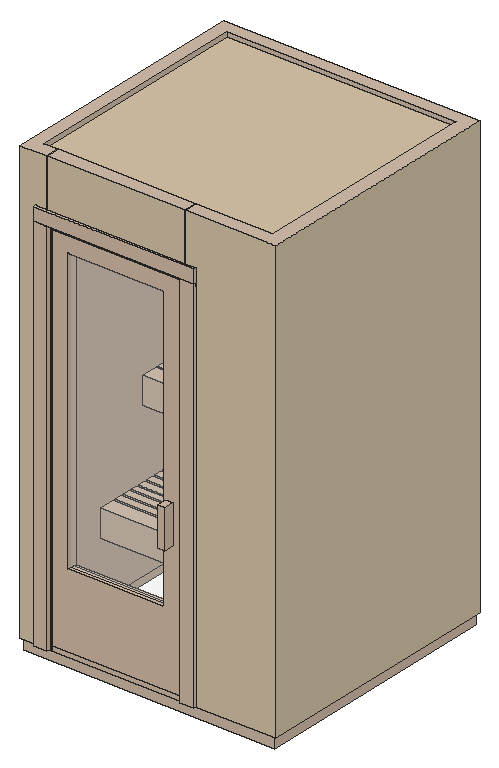
Revit family "Sauna-Room_Prefab_Finlandia_FPF-44", category Specialty Equipment, Revit 2026
Family settings
  Round Connector Dimension = Use Diameter
  Part Type = Normal
  Classification Number = 23.40.50.34.37
  Work Plane-Based = Yes
  Enable Cutting in Views = No
  Always vertical = No
  Cut with Voids When Loaded = No
  Maintain Annotation Orientation = No
  Shared = No
  Room Calculation Point = No
Parameters (values of type "Indoor Reversed as Specified")
  Warranty Duration (Years) = 0
  Wall Thickness = 0' - 2 1/2"
  Unit Width = 4' - 0"
  Unit Height = 7' - 1"
  Unit Depth = 4' - 0"
  URL = "http://www.finlandiasauna.com/index.html"
  Structural Frame Material [instance] = Wood - Red Cedar - Finlandia - Finish as Specified
  Standard = not(Reversed)  # no
  Specification = "http://www.arcat.com/sdspecs/htm/13052fin.htm"
  SpecWizard = ""
  Send Message = "http://www.arcat.com/users.pl?action=UserEmail&amp;company=Finlandia+Sauna+Products,+Inc.&amp;coid=32492&amp;rep=133&amp;fax=503-684-1120&amp;mf=95"
  Sales Information = "http://www.finlandiasauna.com/sauna-contactus.html"
  Revision = "R1_2014-07"
  Reversed = yes
  Product Properties = ""
  Product Data = "http://www.arcat.com/arcatcos/cos9532/arc32492.html"
  Model = "FPF 44"
  Manufacturer Website = "http://www.finlandiasauna.com/index.html"
  Manufacturer Phone - Toll Free = "800-354-3342"
  Manufacturer Phone = "503-684-8289"
  Manufacturer Fax = "503-684-1120"
  Manufacturer Address = "14010-B S.W. 72nd Ave.  Portland, OR 97224-0088"
  Manufacturer = "Finlandia Sauna Products, Inc."
  Maintenance Schedule (Months) = 0
  Keynote = "13052"
  Interior Finish [instance] = Wood - TnG - Finlandia - Red Cedar as Specified
  Installation-Fabrication = ""
  Installation Phase = ""
  Heater Type [instance] = SaunaHeater : Compact JM 1.7 kW
  Green Building-LEED = "http://www.arcat.com/green/clients95/leed_data_32492.html"
  Exterior Finish [instance] = Wood - Mahogany - Finlandia - Finish as Specified
  Exposed Base [instance] = 0' - 2"
  Expected Lifespan (Years) = 0
  Drawn By = "Sumex Design, Inc. / Robert S. Weygant, CSI, CDT, SCIP"
  DoorOffset = if(Reversed, Unit Width - 0' 5" - Door RO Width, 0' 5")  # 1' - 5"
  Door Slab Finish [instance] = Wood - Douglas Fir - Finlandia - Finish as Specified
  Door RO Width = 2' - 2"
  Door RO Height [instance] = 6' - 0"
  Door Glazing Tint [instance] = Glazing - Finlandia - Clear
  Door Frame Finish [instance] = Wood - Douglas Fir - Finlandia - Finish as Specified
  Description = "Finlandia Prefab Modular Sauna Room - FPF 44 as Specified"
  Default Elevation = 0' - 0"
  Copyright = "©Arcat Inc."
  Construction Details = "http://www.arcat.com/details/finsauna/95finsauna.html?coid=32492"
  Capacity = "2 People"
  Bench Slat Material [instance] = Wood - Red Cedar - Finlandia - Finish as Specified
  Assembly Code = "F1010300"
Types (2): name | Standard | Reversed | DoorOffset
  Indoor Reversed as Specified | no | yes | 1' - 5"
  Indoor Standard as Specified | yes | no | 0' - 5"
Reference planes (in)
  plane 1 "Center (Front/Back)": y = 0
  plane 2 "Bottom": z = 0
  plane 3 "Center (Left/Right)": x = 0
  plane 4 "Front": y = -24
  plane 5 "Back": y = 24
  plane 6 "Left": x = -24
  plane 7 "Right": x = 24
  plane 8 "Top": z = 85
  plane 9: x = -21.5
  plane 10: x = 21.5
  plane 11: y = 21.5
  plane 12: y = -21.5
  plane 13: z = 2
  plane 14: x = -19
  plane 15: x = 7
  plane 16: z = 74
Forms (in)
  Extrusion 1, solid, material "Wood - Red Cedar - Finlandia - Finish as Specified" <- "Structural Frame Material"
    sketch origin (0, 0, 0) x (1, 0, 0) y (0, 1, 0)
      loop
        line (-23.65625, 23.65625) -> (-23.65625, -23.65625) -> (23.65625, -23.65625) -> (23.65625, 23.65625) -> (-23.65625, 23.65625)
      loop
        line (-22.15625, 22.15625) -> (-22.15625, -22.15625) -> (22.15625, -22.15625) -> (22.15625, 22.15625) -> (-22.15625, 22.15625)
    from 0 to 2
  Extrusion 2, solid, material "Wood - Red Cedar - Finlandia - Finish as Specified" <- "Structural Frame Material"
    sketch origin (0, 0, 0) x (1, 0, 0) y (0, 1, 0)
      loop
        line (-21.5, -21.5) -> (-21.5, 21.5) -> (21.5, 21.5) -> (21.5, -21.5) -> (7, -21.5) -> (7, -24) -> (24, -24) -> (24, 24) -> (-24, 24) -> (-24, -24) -> (-19, -24) -> (-19, -21.5) -> (-21.5, -21.5)
    from 2 to 85
  Sweep 3, solid, material "Wood - Red Cedar - Finlandia - Finish as Specified" <- "Bench Slat Material"
    path origin (-77.70319, 6.79815, 0) x (-1, 0, 0) y (0, 1, 0)
      loop
        line (-99.20319, 14.70185) -> (-56.20319, 14.70185)
    profile "Bench : Bench" origin (0, 21.5, 0) x (0, -1, 0) y (0, 0, 1)
      loop
        line (0, 31.5) -> (18.5, 31.5) -> (18.5, 31) -> (20, 31) -> (20, 36) -> (17, 36) -> (17, 34.5) -> (16.625, 34.5) -> (16.625, 36) -> (15.125, 36) -> (15.125, 34.5) -> (14.75, 34.5) -> (14.75, 36) -> (13.25, 36) -> (13.25, 34.5) -> (12.875, 34.5) -> (12.875, 36) -> (11.375, 36) -> (11.375, 34.5) -> (11, 34.5) -> (11, 36) -> (9.5, 36) -> (9.5, 34.5) -> (9.125, 34.5) -> (9.125, 36) -> (7.625, 36) -> (7.625, 34.5) -> (7.25, 34.5) -> (7.25, 36) -> (5.75, 36) -> (5.75, 34.5) -> (5.375, 34.5) -> (5.375, 36) -> (3.875, 36) -> (3.875, 34.5) -> (3.5, 34.5) -> (3.5, 36) -> (2, 36) -> (2, 34.5) -> (1.625, 34.5) -> (1.625, 36) -> (0, 36) -> (0, 31.5)
  Sweep 4, solid, material "Wood - Red Cedar - Finlandia - Finish as Specified" <- "Bench Slat Material"
    path origin (-77.70319, -13.20185, 0) x (-1, 0, 0) y (0, 1, 0)
      loop
        line (-99.20319, 24.70185) -> (-56.20319, 24.70185)
    profile "Bench : Bench" origin (0, 11.5, 0) x (0, -1, 0) y (0, 0, 1)
      loop
        line (0, 13.5) -> (18.5, 13.5) -> (18.5, 13) -> (20, 13) -> (20, 18) -> (17, 18) -> (17, 16.5) -> (16.625, 16.5) -> (16.625, 18) -> (15.125, 18) -> (15.125, 16.5) -> (14.75, 16.5) -> (14.75, 18) -> (13.25, 18) -> (13.25, 16.5) -> (12.875, 16.5) -> (12.875, 18) -> (11.375, 18) -> (11.375, 16.5) -> (11, 16.5) -> (11, 18) -> (9.5, 18) -> (9.5, 16.5) -> (9.125, 16.5) -> (9.125, 18) -> (7.625, 18) -> (7.625, 16.5) -> (7.25, 16.5) -> (7.25, 18) -> (5.75, 18) -> (5.75, 16.5) -> (5.375, 16.5) -> (5.375, 18) -> (3.875, 18) -> (3.875, 16.5) -> (3.5, 16.5) -> (3.5, 18) -> (2, 18) -> (2, 16.5) -> (1.625, 16.5) -> (1.625, 18) -> (0, 18) -> (0, 13.5)
  Extrusion 5, solid, material "Wood - Red Cedar - Finlandia - Finish as Specified" <- "Structural Frame Material"
    sketch origin (-43.59721, -180, 85) x (-1, 0, 0) y (0, -1, 0)
      loop
        line (-24.59721, -158.5) -> (-24.59721, -156) -> (-50.59721, -156) -> (-50.59721, -158.5) -> (-24.59721, -158.5)
    from 0 to -11
  Extrusion 6, solid, material "Wood - Mahogany - Finlandia - Finish as Specified" <- "Exterior Finish"
    sketch origin (-43.59721, -180, 85) x (-1, 0, 0) y (0, -1, 0)
      loop
        line (-22.09721, -201.5) -> (-22.09721, -158.5) -> (-65.09721, -158.5) -> (-65.09721, -201.5) -> (-22.09721, -201.5)
    from -3.875 to -0.75
Dimensions and locks (in)
  equal spacing: plane 6 "Left", plane 3 "Center (Left/Right)", plane 7 "Right"
  "Unit Width": plane 6 "Left" to plane 7 "Right"
  equal spacing: plane 5 "Back", plane 1 "Center (Front/Back)", plane 4 "Front"
  "Unit Depth": plane 5 "Back" to plane 4 "Front"
  "Unit Height": plane 8 "Top" to level
  "Wall Thickness": plane 5 "Back" to plane 11
  "Wall Thickness": plane 12 to plane 4 "Front"
  "Wall Thickness": plane 6 "Left" to plane 9
  "Wall Thickness": plane 10 to plane 7 "Right"
  "Exposed Base": plane 13 to level
  plane 6 "Left" to Extrusion 1 sketch curve to Extrusion 1 sketch curve = 0' - 0 11/32" locked, 0' - 1 1/2" locked
  Extrusion 1 sketch curve to Extrusion 1 sketch curve to plane 7 "Right" = 0' - 1 1/2" locked, 0' - 0 11/32" locked
  plane 5 "Back" to Extrusion 1 sketch curve to Extrusion 1 sketch curve = 0' - 0 11/32" locked, 0' - 1 1/2" locked
  Extrusion 1 sketch curve to Extrusion 1 sketch curve to plane 4 "Front" = 0' - 1 1/2" locked, 0' - 0 11/32" locked
  "Door RO Width": plane 14 to plane 15
  "DoorOffset": plane 15 to plane 7 "Right"
  locked: plane 11 to Sweep 4 sketch curve at 10
  plane 9 to Sweep 4 sketch curve = 0' - 0"
  Sweep 4 sketch curve to plane 10 = 0' - 0"
  Sweep 3 sketch curve to plane 10 = 0' - 0"
  plane 9 to Sweep 3 sketch curve = 0' - 0"
  locked: nested 2 to plane 12 at 1
  locked: plane 9 to nested 2 at 1
  locked: nested 3 to plane 12 at 1
  locked: nested 3 to plane 10 at 1
  "Door RO Height": plane 16 to plane 13
  aligned: Extrusion 1 to plane 13
  aligned and locked: Extrusion 2 sketch curve to plane 9
  aligned and locked: Extrusion 2 sketch curve to plane 11
  aligned and locked: Extrusion 2 sketch curve to plane 10
  aligned and locked: Extrusion 2 sketch curve to plane 12
  aligned and locked: Extrusion 2 to plane 13
  aligned and locked: Extrusion 1 to plane 13
  aligned and locked: Extrusion 2 sketch curve to plane 4 "Front"
  aligned and locked: Extrusion 2 sketch curve to plane 7 "Right"
  aligned and locked: Extrusion 2 sketch curve to plane 5 "Back"
  aligned and locked: Extrusion 2 sketch curve to plane 6 "Left"
  aligned and locked: plane 8 "Top" to Extrusion 2
  aligned and locked: Sweep 3 sketch curve to plane 11
  aligned and locked: nested 1 to plane 14
  aligned and locked: nested 1 to plane 12
  aligned and locked: Extrusion 2 sketch curve to plane 14
  aligned and locked: Extrusion 2 sketch curve to plane 15
  aligned and locked: Extrusion 5 sketch curve to plane 15
  aligned and locked: plane 14 to Extrusion 5 sketch curve
  aligned and locked: Extrusion 5 sketch curve to plane 12
  aligned and locked: plane 4 "Front" to Extrusion 5 sketch curve
  aligned and locked: Extrusion 5 to plane 16
  aligned and locked: Extrusion 6 sketch curve to plane 11
  aligned and locked: Extrusion 6 sketch curve to plane 9
  aligned and locked: Extrusion 6 sketch curve to plane 12
  aligned and locked: Extrusion 6 sketch curve to plane 10
Automatic sketch dimensions
  Extrusion 2 sketch curve to plane 4 "Front" = 0' - 0"
  plane 12 to Extrusion 2 sketch curve = 0' - 0"
Nested families (in)
  nested 1: "Door" at (-6, -22.75, 2), Swing Right <- "Standard", Swing Left <- "Reversed", frame finish <- "Door Frame Finish", glazing <- "Door Glazing Tint", door finish <- "Door Slab Finish", Wall Thickness <- "Wall Thickness", Rough Width <- "Door RO Width", Rough Height <- "Door RO Height", type "Standard"
    with glazing Glazing - Finlandia - Clear, frame finish Wood - Douglas Fir - Finlandia - Finish as Specified, door finish Wood - Douglas Fir - Finlandia - Finish as Specified, built-in parameter 1001301 2' - 0", Wall Thickness 0' - 2 1/2", Swing Right no, Swing Left yes, built-in parameter 1001305 2' - 2", built-in parameter 1001304 6' - 0"
  nested 2: "SaunaHeater" at (-14.5, -16, 0), visible <- "Standard", type <- "Heater Type", type "Compact JM 1.7 kW"
    with Width 1' - 0", Height 2' - 1", Depth 0' - 9"
  nested 3: "SaunaHeater" at (14.5, -16, 0) x (-1, 0, 0) z (0, 0, 1), visible <- "Reversed", type <- "Heater Type", type "Compact JM 1.7 kW"
    with Width 1' - 0", Height 2' - 1", Depth 0' - 9"
Connectors (in)
  electrical at (0, 0, 84.25)
    settings: on Extrusion 6, index 1, voltage 0 V, apparent load 0 VA, apparent load phase1 0 VA, apparent load phase2 0 VA, apparent load phase3 0 VA, power factor 1, load classification "Other", number of poles 1, system type 31, power factor state 1, is connector primary yes, connector utility no, sub classification motor no, connector description ""
Definition of nested family "Door"
  Parameters
    glazing [instance] = none
    frame finish [instance] = none
    door finish [instance] = none
    Width [instance] = Rough Width - 0' 2"  # 2' - 0"
    Wall Thickness [instance] = 1' - 2"
    Swing Right [instance] = yes
    Swing Left [instance] = yes
    Rough Width [instance] = 2' - 2"
    Rough Height [instance] = 4' - 11.36872"
    Default Elevation = 4' - 0"
    Assembly Code = ""
  Reference planes (in)
    plane 1 "Center (Front/Back)": y = 0
    plane 2: z = 0
    plane 3 "Center (Left/Right)": x = 0
    plane 4: x = -13
    plane 5: x = 13
    plane 6: y = 7
    plane 7: y = -7
    plane 8: z = 59.36872
    plane 9: x = -15
    plane 10: x = 15
    plane 11: y = -31
  Forms (in)
    Extrusion 1, solid, material <- "frame finish"
      sketch origin (-22.33749, -180, 59.36872) x (-1, 0, 0) y (0, -1, 0)
        loop
          line (-9.33749, -187) -> (-9.33749, -173) -> (-7.33749, -173) -> (-7.33749, -172.5) -> (-9.83749, -172.5) -> (-9.83749, -173) -> (-10.33749, -173) -> (-10.33749, -187.5) -> (-7.33749, -187.5) -> (-7.33749, -187) -> (-9.33749, -187)
        loop
          line (-35.33749, -187) -> (-37.33749, -187) -> (-37.33749, -187.5) -> (-34.33749, -187.5) -> (-34.33749, -173) -> (-34.83749, -173) -> (-34.83749, -172.5) -> (-37.33749, -172.5) -> (-37.33749, -173) -> (-35.33749, -173) -> (-35.33749, -187)
      from -59.36872 to -0.5
    Extrusion 2, solid, material <- "frame finish"
      sketch origin (0, 0, 0) x (0, 1, 0) y (0, 0, 1)
        loop
          line (7, 58.36872) -> (7, 58.86872) -> (7.5, 58.86872) -> (7.5, 61.36872) -> (7, 61.36872) -> (7, 59.36872) -> (-7, 59.36872) -> (-7, 61.36872) -> (-7.5, 61.36872) -> (-7.5, 58.86872) -> (-7, 58.86872) -> (-7, 58.36872) -> (7, 58.36872)
      from -15 to 15
    Extrusion 3, solid, material <- "frame finish"
      sketch origin (0, 0, 0) x (1, 0, 0) y (0, 1, 0)
        loop
          line (-12, -5.25) -> (-11.25, -5.25) -> (-11.25, -4.375) -> (-12, -4.375) -> (-12, -5.25)
        loop
          line (12, -5.25) -> (12, -4.375) -> (11.25, -4.375) -> (11.25, -5.25) -> (12, -5.25)
      from 0 to 59.36872
    Extrusion 4, solid, material <- "frame finish"
      sketch origin (0, 0, 0) x (0, 1, 0) y (0, 0, 1)
        loop
          line (-5.25, 58.36872) -> (-5.25, 57.86872) -> (-4.375, 57.86872) -> (-4.375, 58.36872) -> (-5.25, 58.36872)
      from -13 to 13
    Extrusion 5, solid, material <- "door finish"
      sketch origin (-22.31101, -7, 48) x (-1, 0, 0) y (0, 0, 1)
        loop
          line (-34.31101, -47.25) -> (-10.31101, -47.25) -> (-10.31101, 10.36872) -> (-34.31101, 10.36872) -> (-34.31101, -47.25)
        loop
          line (-13.31101, 7.36872) -> (-31.31101, 7.36872) -> (-31.31101, -33.25) -> (-13.31101, -33.25) -> (-13.31101, 7.36872)
      from 0 to 1.75
    Extrusion 6, solid, material <- "frame finish"
      sketch origin (0, 0, 0) x (0, 1, 0) y (0, 0, 1)
        loop
          line (-7, 0.75) -> (-7, 0) -> (7, 0) -> (7, 0.75) -> (-7, 0.75)
      from -13 to 13
    Extrusion 7, solid, material <- "glazing"
      sketch origin (-22.31101, -7, 48) x (-1, 0, 0) y (0, 0, 1)
        loop
          line (-13.31101, 7.36872) -> (-31.31101, 7.36872) -> (-31.31101, -33.25) -> (-13.31101, -33.25) -> (-13.31101, 7.36872)
      from 1.125 to 0.625
    Extrusion 8, solid, material <- "door finish", visible <- "Swing Right"
      sketch origin (-22.31101, -7, 48) x (-1, 0, 0) y (0, 0, 1)
        loop
          line (-11.5611, -15.059) -> (-12.8111, -15.059) -> (-12.8111, -22.309) -> (-11.5611, -22.309) -> (-11.5611, -15.059)
      from 0 to -2
    Extrusion 9, solid, material <- "door finish", visible <- "Swing Left"
      sketch origin (-22.31101, -7, 48) x (-1, 0, 0) y (0, 0, 1)
        loop
          line (-33.06091, -15.059) -> (-33.06091, -22.309) -> (-31.81091, -22.309) -> (-31.81091, -15.059) -> (-33.06091, -15.059)
      from 0 to -2
  Lines and regions (in)
    symbolic lines, visible <- "Swing Right"
      curve 1: line (12, -7, 0) -> (12, -31, 0)
      curve 2: arc (12, -31, 0) -> (-4.97056, -23.97056, 0) -> (-12, -7, 0) r 24
    symbolic lines, visible <- "Swing Left"
      curve 3: arc (-12, -31, 0) -> (4.97056, -23.97056, 0) -> (12, -7, 0) r 24
      curve 4: line (-12, -31, 0) -> (-12, -7, 0)
  Dimensions and locks (in)
    equal spacing: plane 6, plane 1 "Center (Front/Back)", plane 7
    "Wall Thickness": plane 6 to plane 7
    equal spacing: plane 4, plane 3 "Center (Left/Right)", plane 5
    "Rough Width": plane 4 to plane 5
    "Rough Height": plane 8 to level
    Extrusion 1 sketch curve to plane 4 to Extrusion 1 sketch curve = 0' - 2" locked, 0' - 1" locked
    locked: Extrusion 1 sketch curve to plane 6 at 0.5  (x2)
    locked: plane 7 to Extrusion 1 sketch curve at 0.5  (x2)
    Extrusion 1 sketch curve to plane 4 to Extrusion 1 sketch curve = 0' - 2" locked, 0' - 0 1/2" locked
    Extrusion 1 sketch curve to plane 5 to Extrusion 1 sketch curve = 0' - 1" locked, 0' - 2" locked
    Extrusion 1 sketch curve to plane 5 to Extrusion 1 sketch curve = 0' - 0 1/2" locked, 0' - 2" locked
    Extrusion 2 sketch curve to plane 8 to Extrusion 2 sketch curve = 0' - 2" locked, 0' - 0 1/2" locked
    locked: Extrusion 2 sketch curve to plane 7 at 0.5
    locked: plane 6 to Extrusion 2 sketch curve at 0.5
    Extrusion 2 sketch curve to plane 8 to Extrusion 2 sketch curve to Extrusion 2 sketch curve = 0' - 2" locked, 0' - 0 1/2" locked, 0' - 0 1/2" locked
    Extrusion 3 sketch curve to Extrusion 3 sketch curve to plane 7 = 0' - 0 7/8" locked, 0' - 1 3/4" locked
    locked: Extrusion 3 sketch curve to Extrusion 3 sketch curve at 0.875
    locked: Extrusion 3 sketch curve to plane 7 at 1.75
    Extrusion 3 sketch curve to Extrusion 3 sketch curve to plane 5 = 0' - 0 3/4" locked, 0' - 1" locked
    plane 4 to Extrusion 3 sketch curve to Extrusion 3 sketch curve = 0' - 1" locked, 0' - 0 3/4" locked
    plane 7 to Extrusion 4 sketch curve to Extrusion 4 sketch curve = 0' - 1 3/4" locked, 0' - 0 7/8" locked
    plane 8 to Extrusion 4 sketch curve to Extrusion 4 sketch curve = 0' - 1" locked, 0' - 0 1/2" locked
    locked: plane 4 to plane 9 at 2
    locked: plane 10 to plane 5 at 2
    locked: Extrusion 5 sketch curve to plane 4 at 1
    locked: plane 5 to Extrusion 5 sketch curve at 1
    locked: plane 8 to Extrusion 5 sketch curve at 1
    locked: Extrusion 5 sketch curve to level at 0.75
    locked: Extrusion 6 sketch curve to level at 0.75
    locked: Extrusion 5 sketch curve to Extrusion 5 sketch curve at 3  (x3)
    locked: Extrusion 5 sketch curve to level at 14.75
    locked: Extrusion 7 sketch curve to level at 14.75
    locked: plane 8 to Extrusion 7 sketch curve at 4
    locked: Extrusion 7 sketch curve to plane 4 at 4
    locked: plane 5 to Extrusion 7 sketch curve at 4
    "Width": plane 7 to plane 11
    Extrusion 8 sketch curve to Extrusion 8 sketch curve to level = 0' - 7 1/4" locked, 2' - 1.691" locked
    locked: Extrusion 9 sketch curve to Extrusion 9 sketch curve at 7.25
    plane 5 to Extrusion 9 sketch curve to Extrusion 9 sketch curve = 0' - 2.25009" locked, 0' - 1 1/4" locked
    locked: Extrusion 9 sketch curve to level at 25.691
    Extrusion 8 sketch curve to Extrusion 8 sketch curve to plane 4 = 0' - 1 1/4" locked, 0' - 2.25009" locked
    aligned and locked: plane 2 to level
    aligned and locked: Extrusion 1 sketch curve to plane 4
    aligned and locked: plane 6 to Extrusion 1 sketch curve
    aligned and locked: Extrusion 1 sketch curve to plane 7  (x2)
    aligned and locked: plane 7 to Extrusion 1 sketch curve  (x2)
    aligned and locked: Extrusion 1 sketch curve to plane 5
    aligned and locked: Extrusion 1 sketch curve to plane 6
    aligned: plane 8 to Extrusion 1
    aligned and locked: plane 8 to Extrusion 2 sketch curve
    aligned and locked: plane 7 to Extrusion 2 sketch curve
    aligned and locked: Extrusion 2 sketch curve to plane 6
    aligned and locked: Extrusion 2 sketch curve to plane 7
    aligned and locked: plane 6 to Extrusion 2 sketch curve
    aligned and locked: plane 8 to Extrusion 3
    aligned and locked: plane 5 to Extrusion 4
    aligned and locked: Extrusion 4 to plane 4
    aligned and locked: plane 9 to Extrusion 2
    aligned and locked: Extrusion 2 to plane 10
    aligned and locked: Extrusion 6 sketch curve to plane 7
    aligned and locked: plane 6 to Extrusion 6 sketch curve
    aligned and locked: Extrusion 6 sketch curve to level
    aligned and locked: plane 5 to Extrusion 6
    aligned and locked: Extrusion 6 to plane 4
    aligned and locked: Extrusion 1 to level
  Automatic sketch dimensions
    curve 3 to plane 7 = 0' - 0"
    curve 4 to plane 11 = 0' - 0"
    curve 4 to plane 7 = 0' - 0"
    plane 4 to curve 3 = 0' - 1"
Definition of nested family "SaunaHeater"
  Parameters
    Width = 1' - 8 1/8"
    Height = 2' - 8"
    Depth = 1' - 8 1/8"
    Default Elevation = 0' - 0"
  Reference planes (in)
    plane 1 "Center (Front/Back)": y = 0
    plane 2: z = 0
    plane 3 "Center (Left/Right)": x = 0
    plane 4: x = -10.0625
    plane 5: x = 10.0625
    plane 6: y = 10.0625
    plane 7: y = -10.0625
    plane 8: z = 32
  Forms (in)
    Extrusion 1, solid
      sketch origin (0, 0, 0) x (1, 0, 0) y (0, 1, 0)
        loop
          line (-10.0625, 10.0625) -> (-10.0625, -10.0625) -> (10.0625, -10.0625) -> (10.0625, 10.0625) -> (-10.0625, 10.0625)
      from 0 to 32
  Dimensions and locks (in)
    equal spacing: plane 4, plane 3 "Center (Left/Right)", plane 5
    equal spacing: plane 6, plane 1 "Center (Front/Back)", plane 7
    "Depth": plane 6 to plane 7
    "Width": plane 4 to plane 5
    "Height": plane 8 to level
    aligned and locked: level to plane 2
    aligned and locked: Extrusion 1 sketch curve to plane 6
    aligned and locked: plane 4 to Extrusion 1 sketch curve
    aligned and locked: plane 7 to Extrusion 1 sketch curve
    aligned and locked: Extrusion 1 sketch curve to plane 5
    aligned and locked: plane 8 to Extrusion 1
